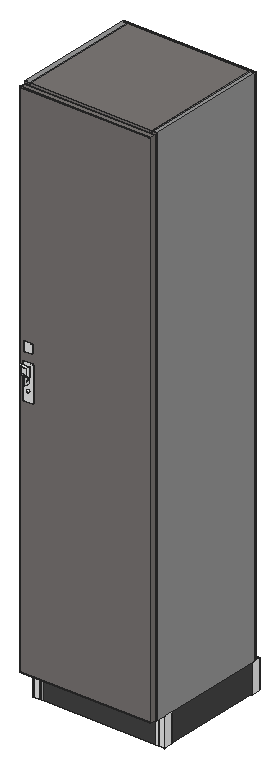
Revit family "Wood_Lockers_Hasps-Salsbury_Industries-18_41000_Series-1_Wide_Units.rfa", category Specialty Equipment, Revit 2016
Family settings
  Part Type = Normal
  Round Connector Dimension = Use Diameter
  OmniClass Number = 23.40.00.00
  OmniClass Title = Equipment and Furnishings
  Work Plane-Based = No
  Always vertical = Yes
  Cut with Voids When Loaded = No
  Shared = No
  Room Calculation Point = No
Parameters (values of type "18-41168")
  Width = 18.000"
  Version = "1.0 (01/31/24)"
  Unit Height including Sloping Hood Only [instance] = 78.868"
  Unit Height including Base Only [instance] = 76.000"
  URL = "www.lockers.com"
  Type Comments = "Premier Wood Locker - Single Tier - with Hasp"
  Total Door Height [instance] = if(Unit Height = 72.000", 71.750", if(Unit Height = 60.000", 59.750", 0.000"))  # 71.750"
  Sloping Top Corner Filler - Right Side [instance] = Wood Locker Sloping Corner Fillers : None
  Sloping Top Corner Filler - Left Side [instance] = Wood Locker Sloping Corner Fillers : None
  Sloping In-Line Filler - Right Side [instance] = Wood Locker Sloping In-Line Fillers : None
  Sloping In-Line Filler - Left Side [instance] = Wood Locker Sloping In-Line Fillers : None
  Sloping Hood Height = if(Depth = 15.000", 5.743", if(Depth = 18.000", 6.868", if(Depth = 21.000", 7.993", if(Depth = 24.000", 9.118", 0.000"))))  # 6.868"
  Sloping Hood [instance] = Wood Locker Sloping Hoods : None
  Side Panel without Slope - Right Side [instance] = Wood Locker Side Panels-No Slope : None
  Side Panel without Slope - Left Side [instance] = Wood Locker Side Panels-No Slope : None
  Side Panel with Slope - Right Side [instance] = Wood Locker Side Panels-With Slope : None
  Side Panel with Slope - Left Side [instance] = Wood Locker Side Panels-With Slope : None
  Secondary Structure Materials = Particle Board Industrial Grade - Salsbury Finish - Black Melamine Overlay
  Primary Structure Materials = Particle Board Industrial Grade - Salsbury Finish - Plain
  Overall Unit Height including Base and Sloping Hood [instance] = 82.868"
  OmniClass 23 Title = "Equipment and Furnishings"
  OmniClass 23 Number = "23.40.00.00"
  Model = "18-41168"
  MasterFormat Title = "Lockers"
  MasterFormat Code = "10 51 23"
  Manufacturer = "Salsbury Industries"
  Laminate Surface [instance] = Industrial Grade Particleboard with Wood Laminate - Salsbury Finish - Skyline Walnut
  Interior Material = Textured Melamine - Salsbury Finish - White
  Individual Door Width [instance] = 17.875"
  Unit Height = 72.000"
  Hardware = Aluminum - Salsbury Finish - Black Satin
  Front Vertical Filler - Right Side [instance] = Wood Locker Front Fillers : None
  Front Vertical Filler - Left Side [instance] = Wood Locker Front Fillers : None
  Front Corner Filler - Right Side [instance] = Wood Locker Front Corner Filler : None
  Front Corner Filler - Left Side [instance] = Wood Locker Front Corner Filler : None
  Flat Top In-Line Filler - Right Side [instance] = Wood Locker Flat In-Line Fillers : None
  Flat Top In-Line Filler - Left Side [instance] = Wood Locker Flat In-Line Fillers : None
  Flat Top Corner Filler - Right Side [instance] = Wood Locker Flat Corner Fillers : None
  Flat Top Corner Filler - Left Side [instance] = Wood Locker Flat Corner Fillers : None
  Fascia Filler [instance] = Wood Locker Fascia Fillers : None
  Double Side Panel without Slope - Right Side [instance] = Wood Locker Double Side Panels-No Slope : None
  Double Side Panel without Slope - Left Side [instance] = Wood Locker Double Side Panels-No Slope : None
  Double Side Panel with Slope - Right Side [instance] = Wood Locker Double Side Panels-With Slope : None
  Double Side Panel with Slope - Left Side [instance] = Wood Locker Double Side Panels-With Slope : None
  Door Location D1 = Premier Locker Doors_Hasp : Single Tier Door for Six Foot High Locker
  Description = "1 Wide - 6 Feet High - 18 inches Deep - with Base"
  Depth = 18.000"
  Compartment Width [instance] = 16.750"
  Compartment Height [instance] = if(Unit Height = 72.000", 70.500", if(Unit Height = 60.000", 58.500", 0.000"))  # 70.500"
  Compartment Depth [instance] = 16.750"
  Base Material = Particle Board Industrial Grade - Salsbury Finish - Black Melamine Overlay
  Base Height = 4.000"
  Base Depth [instance] = 16.250"
  Base = Wood Locker Bases : Base - 18" W x 18" D Lockers
  Assembly Code = "C1030310"
Reference planes (in)
  plane 1 "Center (Front/Back)": y = 0
  plane 2: z = 0
  plane 3 "Center (Left/Right)": x = 0
  plane 4 "Right Side of Unit": x = 9
  plane 5 "Left Side of Unit": x = -9
  plane 6 "Back of Unit": y = 9
  plane 7 "Front of Unit": y = -9
  plane 8 "Bottom of Base": z = 0
  plane 9 "Top Edge of Unit": z = 76
  plane 10 "Top of Base Edge": z = 4
  plane 11: z = 82.868
  plane 12 "Right Compartment Edge": x = 8.406
  plane 13 "Left Compartment Edge": x = -8.406
  plane 14 "Front Melamine Edge": y = -8
  plane 15 "Back Compartment Edge": y = 8.781
  plane 16 "Front Compartment Edge": y = -7.969
  plane 17 "Front Edge of Base": y = -6.625
  plane 18 "Bottom Edge of Door": z = 4.125
  plane 19 "Top Edge of Door": z = 75.875
  plane 20 "Bottom Compartment Edge": z = 4.75
  plane 21 "Top Compartment Edge": z = 75.25
  plane 22 "Center Top and Bottom": z = 40
  plane 23 "Left Melamine Edge": x = -8.375
  plane 24 "Right Melamine Edge": x = 8.375
  plane 25 "Back Melamine Edge": y = 8.75
  plane 26 "Left Edge of Door": x = -8.875
  plane 27: y = 9.625
  plane 28: y = -7.25
  plane 29 "Base / Ventillation Alignment": y = 9.625
  plane 30 "Compartment Shelf": z = 64.125
  plane 31: z = 63.375
  plane 32 "5" Shelf": z = 58.875
  plane 33: z = 58.125
  plane 34 "Front Edge of 5" Shelf": y = 3.75
  plane 35 "11.75" Shelf": z = 13
  plane 36: z = 13.75
  plane 37 "Front of Shoe Shelf": y = -3
  plane 38: y = 3.781
  plane 39: y = -2.969
  plane 40: z = 81.743
  plane 41: z = 81.743
  plane 42: z = 82.61385
  plane 43: z = 82.19365
  plane 44: z = 75.281
  plane 45: z = 4.719
Forms (in)
  Extrusion 1, solid, material "Particle Board Industrial Grade - Salsbury Finish - Plain" <- "Primary Structure Materials"
    sketch origin (9, 0, 0) x (0, -1, 0) y (0, 0, 1)
      loop
        line (7.969, 76) -> (-8.75, 76) -> (-8.75, 4) -> (7.969, 4) -> (7.969, 76)
    from 0 to 0.594
  Extrusion 2, solid, material "Particle Board Industrial Grade - Salsbury Finish - Plain" <- "Primary Structure Materials"
    sketch origin (-9, 0, 0) x (0, -1, 0) y (0, 0, 1)
      loop
        line (-8.75, 76) -> (-8.75, 4) -> (7.969, 4) -> (7.969, 76) -> (-8.75, 76)
    from 0 to -0.594
  Extrusion 3, solid, material "Particle Board Industrial Grade - Salsbury Finish - Black Melamine Overlay" <- "Secondary Structure Materials"
    sketch origin (0, 0, 4) x (0, -1, 0) y (1, 0, 0)
      loop
        line (-8.75, -8.375) -> (7.969, -8.375) -> (7.969, 8.375) -> (-8.75, 8.375) -> (-8.75, -8.375)
    from 0 to 0.719
  Extrusion 4, solid, material "Industrial Grade Particleboard with Wood Laminate - Salsbury Finish - Skyline Walnut" <- "Laminate Surface"
    sketch origin (-0.3905, 0.3905, 76) x (-1, 0, 0) y (0, -1, 0)
      loop
        line (-8.7655, -8.3595) -> (7.9845, -8.3595) -> (7.9845, 8.3595) -> (-8.7655, 8.3595) -> (-8.7655, -8.3595)
    from 0 to -0.75
  Extrusion 5, solid, material "Particle Board Industrial Grade - Salsbury Finish - Plain" <- "Primary Structure Materials"
    sketch origin (0, 9, 0) x (1, 0, 0) y (0, 0, 1)
      loop
        line (-9, 76) -> (-9, 4) -> (9, 4) -> (9, 76) -> (-9, 76)
    from 0 to 0.219
  Extrusion 6, solid, material "Industrial Grade Particleboard with Wood Laminate - Salsbury Finish - Skyline Walnut" <- "Laminate Surface"
    sketch origin (0, -7.969, 0) x (1, 0, 0) y (0, 0, 1)
      loop
        line (-9, 76) -> (-9, 4) -> (-8.375, 4) -> (-8.375, 76) -> (-9, 76)
    from 0 to 0.031
  Extrusion 7, solid, material "Industrial Grade Particleboard with Wood Laminate - Salsbury Finish - Skyline Walnut" <- "Laminate Surface"
    sketch origin (0, -7.969, 0) x (-1, 0, 0) y (0, 0, -1)
      loop
        line (-9, -76) -> (-8.375, -76) -> (-8.375, -4) -> (-9, -4) -> (-9, -76)
    from 0 to 0.031
  Extrusion 8, solid, material "Textured Melamine - Salsbury Finish - White" <- "Interior Material"
    sketch origin (0, 8.75, 0) x (1, 0, 0) y (0, 0, 1)
      loop
        line (-9, 76) -> (-9, 4) -> (9, 4) -> (9, 76) -> (-9, 76)
    from -0.031 to 0
  Extrusion 9, solid, material "Textured Melamine - Salsbury Finish - White" <- "Interior Material"
    sketch origin (-8.406, 0, 0) x (0, -1, 0) y (0, 0, 1)
      loop
        line (-8.75, 76) -> (-8.75, 4) -> (7.969, 4) -> (7.969, 76) -> (-8.75, 76)
    from 0 to -0.031
  Extrusion 10, solid, material "Textured Melamine - Salsbury Finish - White" <- "Interior Material"
    sketch origin (8.406, 0, 0) x (0, -1, 0) y (0, 0, 1)
      loop
        line (7.969, 76) -> (-8.75, 76) -> (-8.75, 4) -> (7.969, 4) -> (7.969, 76)
    from 0 to 0.031
  Extrusion 11, solid, material "Textured Melamine - Salsbury Finish - White" <- "Interior Material", detail levels fine
    sketch origin (0, 0, 64.125) x (0, -1, 0) y (1, 0, 0)
      loop
        line (-8.75, -8.375) -> (7.969, -8.375) -> (7.969, 8.375) -> (-8.75, 8.375) -> (-8.75, -8.375)
    from 0 to -0.75
  Extrusion 12, solid, material "Textured Melamine - Salsbury Finish - White" <- "Interior Material", detail levels fine
    sketch origin (0, 0, 58.875) x (0, -1, 0) y (1, 0, 0)
      loop
        line (-8.75, -8.375) -> (-3.781, -8.375) -> (-3.781, 8.375) -> (-8.75, 8.375) -> (-8.75, -8.375)
    from 0 to -0.75
  Extrusion 13, solid, material "Textured Melamine - Salsbury Finish - White" <- "Interior Material", detail levels fine
    sketch origin (0, 0, 13) x (0, -1, 0) y (1, 0, 0)
      loop
        line (-8.75, -8.375) -> (2.969, -8.375) -> (2.969, 8.375) -> (-8.75, 8.375) -> (-8.75, -8.375)
    from 0.75 to 0
  Extrusion 14, solid, material "Industrial Grade Particleboard with Wood Laminate - Salsbury Finish - Skyline Walnut" <- "Laminate Surface"
    sketch origin (0, -7.969, 0) x (1, 0, 0) y (0, 0, 1)
      loop
        line (8.375, 75.25) -> (8.375, 76) -> (-8.375, 76) -> (-8.375, 75.25) -> (8.375, 75.25)
    from 0 to 0.031
  Extrusion 15, solid, material "Industrial Grade Particleboard with Wood Laminate - Salsbury Finish - Skyline Walnut" <- "Laminate Surface"
    sketch origin (0, -7.969, -71.25) x (1, 0, 0) y (0, 0, 1)
      loop
        line (8.375, 75.25) -> (8.375, 76) -> (-8.375, 76) -> (-8.375, 75.25) -> (8.375, 75.25)
    from 0 to 0.031
  Extrusion 16, solid, material "Industrial Grade Particleboard with Wood Laminate - Salsbury Finish - Skyline Walnut" <- "Laminate Surface", detail levels fine
    sketch origin (0, -7.969, 0) x (1, 0, 0) y (0, 0, 1)
      loop
        line (-8.375, 64.125) -> (-8.375, 63.375) -> (8.375, 63.375) -> (8.375, 64.125) -> (-8.375, 64.125)
    from 0 to 0.031
  Extrusion 17, solid, material "Industrial Grade Particleboard with Wood Laminate - Salsbury Finish - Skyline Walnut" <- "Laminate Surface", detail levels fine
    sketch origin (0, 3.75, 0) x (1, 0, 0) y (0, 0, 1)
      loop
        line (-8.375, 58.875) -> (-8.375, 58.125) -> (8.375, 58.125) -> (8.375, 58.875) -> (-8.375, 58.875)
    from -0.031 to 0
  Extrusion 18, solid, material "Industrial Grade Particleboard with Wood Laminate - Salsbury Finish - Skyline Walnut" <- "Laminate Surface", detail levels fine
    sketch origin (0, -3, 0) x (1, 0, 0) y (0, 0, 1)
      loop
        line (-8.375, 13.75) -> (-8.375, 13) -> (8.375, 13) -> (8.375, 13.75) -> (-8.375, 13.75)
    from -0.031 to 0
  Extrusion 19, solid, material "Textured Melamine - Salsbury Finish - White" <- "Interior Material"
    sketch origin (0, 0, 4.75) x (0, -1, 0) y (1, 0, 0)
      loop
        line (-8.75, -8.375) -> (7.969, -8.375) -> (7.969, 8.375) -> (-8.75, 8.375) -> (-8.75, -8.375)
    from -0.031 to 0
Lines and regions (in)
  symbolic lines
    curve 1: line (-9, 8.75, 76) -> (9.00006, 8.75, 76)
    curve 2: line (-9, 8.75, 0) -> (-9, 8.75, 76)
    curve 3: line (9.00006, 8.75, 76) -> (9.00006, 8.75, 0)
    curve 4: line (8.406, -8, 76) -> (8.406, 9.625, 76)
    curve 5: line (8.406, -8, 0) -> (8.406, -8, 76)
    curve 6: line (8.406, 9.625, 76) -> (8.406, 9.625, 0)
    curve 7: line (9.00006, 8.75, 0) -> (-9, 8.75, 0)
    curve 8: line (8.406, -6.625, 0) -> (8.406, 9.625, 0)
    curve 9: line (8.406, 9.625, 0) -> (8.406, -6.625, 0)
    curve 10: line (8.406, -8, 0) -> (8.406, 9.625, 0)
    curve 11: line (-9, 9.625, 0) -> (9, 9.625, 0)
    curve 12: line (-9, -8, 0) -> (-9, 9.625, 0)
    curve 13: line (9, -8, 0) -> (-9, -8, 0)
    curve 14: line (9, 9.625, 0) -> (9, -8, 0)
Dimensions and locks (in)
  equal spacing: plane 5 "Left Side of Unit", plane 3 "Center (Left/Right)", plane 4 "Right Side of Unit"
  "Width": plane 5 "Left Side of Unit" to plane 4 "Right Side of Unit"
  equal spacing: plane 7 "Front of Unit", plane 1 "Center (Front/Back)", plane 6 "Back of Unit"
  "Depth": plane 7 "Front of Unit" to plane 6 "Back of Unit"
  "Base Height": plane 10 "Top of Base Edge" to plane 8 "Bottom of Base"
  "Unit Height": plane 9 "Top Edge of Unit" to plane 10 "Top of Base Edge"
  "Sloping Hood Height": plane 11 to plane 9 "Top Edge of Unit"
  locked: plane 12 "Right Compartment Edge" to plane 4 "Right Side of Unit" at 0.594
  locked: plane 5 "Left Side of Unit" to plane 13 "Left Compartment Edge" at 0.594
  locked: plane 7 "Front of Unit" to plane 14 "Front Melamine Edge" at 1
  locked: plane 15 "Back Compartment Edge" to plane 6 "Back of Unit" at 0.219
  locked: plane 14 "Front Melamine Edge" to plane 16 "Front Compartment Edge" at 0.031
  plane 18 "Bottom Edge of Door" to plane 10 "Top of Base Edge" = 0.125"
  plane 9 "Top Edge of Unit" to plane 19 "Top Edge of Door" = 0.125"
  plane 20 "Bottom Compartment Edge" to plane 10 "Top of Base Edge" = 0.750"
  plane 9 "Top Edge of Unit" to plane 21 "Top Compartment Edge" = 0.750"
  equal spacing: plane 9 "Top Edge of Unit", plane 22 "Center Top and Bottom", plane 10 "Top of Base Edge"
  locked: plane 24 "Right Melamine Edge" to plane 12 "Right Compartment Edge" at 0.031
  locked: plane 13 "Left Compartment Edge" to plane 23 "Left Melamine Edge" at 0.031
  locked: plane 25 "Back Melamine Edge" to plane 15 "Back Compartment Edge" at 0.031
  locked: plane 5 "Left Side of Unit" to plane 26 "Left Edge of Door" at 0.125
  "Individual Door Width": plane 26 "Left Edge of Door" to plane 4 "Right Side of Unit"
  "Total Door Height": plane 19 "Top Edge of Door" to plane 18 "Bottom Edge of Door"
  "Unit Height including Base Only": plane 9 "Top Edge of Unit" to plane 8 "Bottom of Base"
  "Unit Height including Sloping Hood Only": plane 11 to plane 10 "Top of Base Edge"
  "Overall Unit Height including Base and Sloping Hood": plane 11 to plane 8 "Bottom of Base"
  locked: plane 7 "Front of Unit" to plane 17 "Front Edge of Base" at 2.375
  locked: plane 6 "Back of Unit" to plane 27 at 0.625
  "Base Depth": plane 17 "Front Edge of Base" to plane 27
  "Compartment Width": plane 23 "Left Melamine Edge" to plane 24 "Right Melamine Edge"
  "Compartment Height": plane 21 "Top Compartment Edge" to plane 20 "Bottom Compartment Edge"
  "Compartment Depth": plane 14 "Front Melamine Edge" to plane 25 "Back Melamine Edge"
  locked: plane 14 "Front Melamine Edge" to plane 28 at 0.75
  plane 14 "Front Melamine Edge" to plane 27 = 17.625"
  Extrusion 2 to Extrusion 9 = 16.719"
  plane 6 "Back of Unit" to plane 29 "Base / Ventillation Alignment" = 0.625"
  plane 21 "Top Compartment Edge" to plane 30 "Compartment Shelf" = 11.125"
  locked: plane 30 "Compartment Shelf" to plane 31 at 0.75
  locked: plane 31 to plane 32 "5" Shelf" at 4.5
  locked: plane 32 "5" Shelf" to plane 33 at 0.75
  locked: plane 34 "Front Edge of 5" Shelf" to plane 25 "Back Melamine Edge" at 5
  locked: plane 36 to plane 35 "11.75" Shelf" at 0.75
  locked: plane 35 "11.75" Shelf" to plane 20 "Bottom Compartment Edge" at 8.25
  locked: plane 37 "Front of Shoe Shelf" to plane 25 "Back Melamine Edge" at 11.75
  locked: plane 34 "Front Edge of 5" Shelf" to plane 38 at 0.031
  locked: plane 37 "Front of Shoe Shelf" to plane 39 at 0.031
  locked: plane 44 to plane 21 "Top Compartment Edge" at 0.031
  locked: plane 20 "Bottom Compartment Edge" to plane 45 at 0.031
  aligned and locked: level to plane 2
  aligned and locked: plane 15 "Back Compartment Edge" to Extrusion 5
  aligned and locked: plane 9 "Top Edge of Unit" to nested 1
  aligned and locked: plane 28 to nested 1
  aligned and locked: plane 28 to nested 2
  aligned and locked: plane 5 "Left Side of Unit" to nested 2
  aligned and locked: plane 4 "Right Side of Unit" to nested 1
  aligned and locked: nested 2 to plane 9 "Top Edge of Unit"
  aligned and locked: plane 14 "Front Melamine Edge" to nested 3
  aligned and locked: plane 4 "Right Side of Unit" to nested 3
  aligned and locked: nested 4 to plane 14 "Front Melamine Edge"
  aligned and locked: plane 5 "Left Side of Unit" to nested 4
  aligned and locked: nested 3 to plane 8 "Bottom of Base"
  aligned and locked: nested 4 to plane 8 "Bottom of Base"
  aligned and locked: plane 17 "Front Edge of Base" to nested 5
  aligned and locked: nested 7 to plane 9 "Top Edge of Unit"
  aligned and locked: plane 4 "Right Side of Unit" to nested 7
  aligned and locked: nested 6 to plane 9 "Top Edge of Unit"
  aligned and locked: plane 5 "Left Side of Unit" to nested 6
  aligned and locked: nested 7 to plane 28
  aligned and locked: nested 6 to plane 28
  aligned and locked: plane 14 "Front Melamine Edge" to nested 8
  aligned and locked: plane 9 "Top Edge of Unit" to nested 8
  aligned and locked: plane 8 "Bottom of Base" to nested 5
  aligned and locked: plane 3 "Center (Left/Right)" to nested 5
  aligned and locked: plane 25 "Back Melamine Edge" to Extrusion 3 sketch curve
  aligned and locked: Extrusion 3 sketch curve to plane 23 "Left Melamine Edge"
  aligned and locked: plane 24 "Right Melamine Edge" to Extrusion 3 sketch curve
  aligned and locked: plane 10 "Top of Base Edge" to Extrusion 3
  aligned and locked: Extrusion 4 to plane 9 "Top Edge of Unit"
  aligned and locked: Extrusion 2 sketch curve to plane 9 "Top Edge of Unit"
  aligned and locked: plane 16 "Front Compartment Edge" to Extrusion 2 sketch curve
  aligned and locked: Extrusion 2 sketch curve to plane 25 "Back Melamine Edge"
  aligned and locked: plane 10 "Top of Base Edge" to Extrusion 2 sketch curve
  aligned and locked: Extrusion 2 to plane 13 "Left Compartment Edge"
  aligned and locked: plane 5 "Left Side of Unit" to Extrusion 2
  aligned and locked: plane 10 "Top of Base Edge" to Extrusion 9 sketch curve
  aligned and locked: Extrusion 9 sketch curve to plane 25 "Back Melamine Edge"
  aligned and locked: Extrusion 9 sketch curve to plane 9 "Top Edge of Unit"
  aligned and locked: Extrusion 1 sketch curve to plane 16 "Front Compartment Edge"
  aligned and locked: plane 9 "Top Edge of Unit" to Extrusion 1 sketch curve
  aligned and locked: Extrusion 1 sketch curve to plane 10 "Top of Base Edge"
  aligned and locked: plane 25 "Back Melamine Edge" to Extrusion 1 sketch curve
  aligned and locked: Extrusion 1 to plane 4 "Right Side of Unit"
  aligned and locked: plane 12 "Right Compartment Edge" to Extrusion 1
  aligned and locked: Extrusion 10 sketch curve to plane 10 "Top of Base Edge"
  aligned and locked: plane 25 "Back Melamine Edge" to Extrusion 10 sketch curve
  aligned and locked: Extrusion 10 sketch curve to plane 16 "Front Compartment Edge"
  aligned and locked: plane 9 "Top Edge of Unit" to Extrusion 10 sketch curve
  aligned and locked: Extrusion 10 to plane 12 "Right Compartment Edge"
  aligned and locked: plane 24 "Right Melamine Edge" to Extrusion 10
  aligned and locked: Extrusion 8 sketch curve to plane 10 "Top of Base Edge"
  aligned and locked: plane 4 "Right Side of Unit" to Extrusion 8 sketch curve
  aligned and locked: plane 9 "Top Edge of Unit" to Extrusion 8 sketch curve
  aligned and locked: Extrusion 8 sketch curve to plane 5 "Left Side of Unit"
  aligned and locked: Extrusion 8 to plane 15 "Back Compartment Edge"
  aligned and locked: plane 25 "Back Melamine Edge" to Extrusion 8
  aligned and locked: plane 9 "Top Edge of Unit" to Extrusion 5 sketch curve
  aligned and locked: Extrusion 5 sketch curve to plane 5 "Left Side of Unit"
  aligned and locked: Extrusion 5 sketch curve to plane 10 "Top of Base Edge"
  aligned and locked: plane 4 "Right Side of Unit" to Extrusion 5 sketch curve
  aligned and locked: Extrusion 7 sketch curve to plane 9 "Top Edge of Unit"
  aligned and locked: Extrusion 7 sketch curve to plane 4 "Right Side of Unit"
  aligned and locked: plane 24 "Right Melamine Edge" to Extrusion 7 sketch curve
  aligned and locked: plane 10 "Top of Base Edge" to Extrusion 7 sketch curve
  aligned and locked: Extrusion 7 to plane 16 "Front Compartment Edge"
  aligned and locked: plane 14 "Front Melamine Edge" to Extrusion 7
  aligned and locked: Extrusion 6 sketch curve to plane 10 "Top of Base Edge"
  aligned and locked: plane 23 "Left Melamine Edge" to Extrusion 6 sketch curve
  aligned and locked: Extrusion 6 sketch curve to plane 5 "Left Side of Unit"
  aligned and locked: plane 9 "Top Edge of Unit" to Extrusion 6 sketch curve
  aligned and locked: Extrusion 6 to plane 16 "Front Compartment Edge"
  aligned and locked: plane 14 "Front Melamine Edge" to Extrusion 6
  aligned and locked: plane 16 "Front Compartment Edge" to Extrusion 9
  aligned and locked: Extrusion 9 to Extrusion 3
  aligned and locked: plane 13 "Left Compartment Edge" to Extrusion 9
  aligned and locked: curve 2 to nested 4
  aligned and locked: nested 3 to curve 5
  aligned and locked: curve 9 to nested 5
  aligned and locked: curve 10 to nested 3
  aligned and locked: curve 13 to plane 14 "Front Melamine Edge"
  aligned and locked: curve 12 to plane 5 "Left Side of Unit"
  aligned and locked: plane 29 "Base / Ventillation Alignment" to curve 11
  aligned and locked: plane 3 "Center (Left/Right)" to nested 8
  aligned and locked: plane 29 "Base / Ventillation Alignment" to curve 6
  aligned and locked: plane 25 "Back Melamine Edge" to Extrusion 11 sketch curve
  aligned and locked: Extrusion 11 sketch curve to plane 23 "Left Melamine Edge"
  aligned and locked: plane 24 "Right Melamine Edge" to Extrusion 11 sketch curve
  aligned and locked: plane 31 to Extrusion 11
  aligned and locked: Extrusion 11 to plane 30 "Compartment Shelf"
  aligned and locked: Extrusion 12 to plane 24 "Right Melamine Edge"
  aligned and locked: plane 23 "Left Melamine Edge" to Extrusion 12
  aligned and locked: Extrusion 12 to plane 32 "5" Shelf"
  aligned and locked: plane 33 to Extrusion 12
  aligned and locked: Extrusion 12 to plane 25 "Back Melamine Edge"
  aligned and locked: Extrusion 13 to plane 36
  aligned and locked: plane 35 "11.75" Shelf" to Extrusion 13
  aligned and locked: Extrusion 13 to plane 24 "Right Melamine Edge"
  aligned and locked: plane 23 "Left Melamine Edge" to Extrusion 13
  aligned and locked: Extrusion 13 to plane 25 "Back Melamine Edge"
  aligned and locked: Extrusion 14 sketch curve to Extrusion 4
  aligned and locked: Extrusion 6 to Extrusion 14 sketch curve
  aligned and locked: plane 20 "Bottom Compartment Edge" to Extrusion 15 sketch curve
  aligned and locked: Extrusion 15 sketch curve to plane 10 "Top of Base Edge"
  aligned and locked: Extrusion 15 sketch curve to plane 23 "Left Melamine Edge"
  aligned and locked: plane 24 "Right Melamine Edge" to Extrusion 15 sketch curve
  aligned and locked: Extrusion 15 to plane 16 "Front Compartment Edge"
  aligned and locked: plane 14 "Front Melamine Edge" to Extrusion 15
  aligned and locked: Extrusion 11 sketch curve to plane 16 "Front Compartment Edge"
  aligned and locked: Extrusion 16 sketch curve to Extrusion 11  (x4)
  aligned and locked: plane 14 "Front Melamine Edge" to Extrusion 16
  aligned and locked: Extrusion 16 to plane 16 "Front Compartment Edge"
  aligned and locked: Extrusion 12 to plane 38
  aligned and locked: Extrusion 17 sketch curve to plane 33
  aligned and locked: plane 32 "5" Shelf" to Extrusion 17 sketch curve
  aligned and locked: Extrusion 17 sketch curve to plane 23 "Left Melamine Edge"
  aligned and locked: plane 24 "Right Melamine Edge" to Extrusion 17 sketch curve
  aligned and locked: Extrusion 17 to Extrusion 12
  aligned and locked: Extrusion 17 to plane 34 "Front Edge of 5" Shelf"
  aligned and locked: Extrusion 13 to plane 39
  aligned and locked: Extrusion 18 to Extrusion 13  (x3)
  aligned and locked: plane 23 "Left Melamine Edge" to Extrusion 18
  aligned and locked: Extrusion 18 to plane 24 "Right Melamine Edge"
  aligned and locked: Extrusion 18 to plane 37 "Front of Shoe Shelf"
  aligned and locked: plane 5 "Left Side of Unit" to nested 9
  aligned and locked: plane 10 "Top of Base Edge" to nested 9
  aligned and locked: nested 9 to plane 14 "Front Melamine Edge"
  aligned and locked: nested 10 to plane 10 "Top of Base Edge"
  aligned and locked: plane 4 "Right Side of Unit" to nested 10
  aligned and locked: plane 14 "Front Melamine Edge" to nested 10
  aligned and locked: plane 3 "Center (Left/Right)" to nested 11
  aligned and locked: plane 9 "Top Edge of Unit" to nested 11
  aligned and locked: plane 14 "Front Melamine Edge" to nested 11
  aligned and locked: plane 5 "Left Side of Unit" to nested 12
  aligned and locked: plane 10 "Top of Base Edge" to nested 12
  aligned and locked: nested 12 to plane 14 "Front Melamine Edge"
  aligned and locked: plane 4 "Right Side of Unit" to nested 13
  aligned and locked: nested 13 to plane 10 "Top of Base Edge"
  aligned and locked: plane 14 "Front Melamine Edge" to nested 13
  aligned and locked: plane 5 "Left Side of Unit" to nested 14
  aligned and locked: plane 10 "Top of Base Edge" to nested 14
  aligned and locked: nested 14 to plane 14 "Front Melamine Edge"
  aligned and locked: plane 4 "Right Side of Unit" to nested 15
  aligned and locked: nested 15 to plane 10 "Top of Base Edge"
  aligned and locked: plane 14 "Front Melamine Edge" to nested 15
  aligned and locked: plane 10 "Top of Base Edge" to nested 16
  aligned and locked: plane 5 "Left Side of Unit" to nested 16
  aligned and locked: nested 16 to plane 14 "Front Melamine Edge"
  aligned and locked: plane 14 "Front Melamine Edge" to nested 17
  aligned and locked: plane 4 "Right Side of Unit" to nested 17
  aligned and locked: nested 17 to plane 10 "Top of Base Edge"
  aligned and locked: plane 18 "Bottom Edge of Door" to nested 18
  aligned and locked: plane 4 "Right Side of Unit" to nested 18
  aligned and locked: nested 18 to plane 7 "Front of Unit"
  aligned and locked: plane 5 "Left Side of Unit" to nested 19
  aligned and locked: nested 19 to plane 9 "Top Edge of Unit"
  aligned and locked: nested 19 to plane 14 "Front Melamine Edge"
  aligned and locked: nested 20 to plane 14 "Front Melamine Edge"
  aligned and locked: plane 4 "Right Side of Unit" to nested 20
  aligned and locked: nested 20 to plane 9 "Top Edge of Unit"
  aligned and locked: nested 21 to plane 14 "Front Melamine Edge"
  aligned and locked: plane 5 "Left Side of Unit" to nested 21
  aligned and locked: nested 21 to plane 9 "Top Edge of Unit"
  aligned and locked: nested 22 to plane 14 "Front Melamine Edge"
  aligned and locked: nested 22 to plane 4 "Right Side of Unit"
  aligned and locked: nested 22 to plane 9 "Top Edge of Unit"
  aligned and locked: plane 21 "Top Compartment Edge" to Extrusion 14
  aligned and locked: Extrusion 3 to plane 45
  aligned and locked: Extrusion 19 sketch curve to Extrusion 3  (x4)
  aligned and locked: Extrusion 19 to Extrusion 3
  aligned and locked: Extrusion 19 to plane 20 "Bottom Compartment Edge"
  aligned and locked: plane 14 "Front Melamine Edge" to nested 23
  aligned and locked: nested 23 to plane 5 "Left Side of Unit"
  aligned and locked: nested 23 to plane 8 "Bottom of Base"
  aligned and locked: plane 8 "Bottom of Base" to nested 24
  aligned and locked: nested 24 to plane 4 "Right Side of Unit"
  aligned and locked: nested 24 to plane 14 "Front Melamine Edge"
  aligned and locked: plane 21 "Top Compartment Edge" to Extrusion 4
  aligned and locked: Extrusion 4 to Extrusion 3  (x2)
  aligned and locked: Extrusion 3 to Extrusion 4
  aligned and locked: plane 16 "Front Compartment Edge" to Extrusion 4
Automatic sketch dimensions
  plane 16 "Front Compartment Edge" to Extrusion 3 sketch curve = 0.000"
  Extrusion 9 sketch curve to plane 16 "Front Compartment Edge" = 0.000"
  curve 3 to level = 0.000"
  curve 3 to plane 4 "Right Side of Unit" = 0.00006"
  curve 8 to plane 17 "Front Edge of Base" = 0.000"
  curve 9 to plane 17 "Front Edge of Base" = 0.000"
  curve 13 to plane 4 "Right Side of Unit" = 0.000"
  Extrusion 12 sketch curve to plane 24 "Right Melamine Edge" = 0.000"
  plane 25 "Back Melamine Edge" to Extrusion 12 sketch curve = 0.000"
  Extrusion 12 sketch curve to plane 23 "Left Melamine Edge" = 0.000"
  plane 38 to Extrusion 12 sketch curve = 0.000"
  Extrusion 13 sketch curve to plane 24 "Right Melamine Edge" = 0.000"
  plane 25 "Back Melamine Edge" to Extrusion 13 sketch curve = 0.000"
  Extrusion 13 sketch curve to plane 23 "Left Melamine Edge" = 0.000"
  plane 39 to Extrusion 13 sketch curve = 0.000"
  plane 23 "Left Melamine Edge" to Extrusion 18 sketch curve = 0.000"
  plane 24 "Right Melamine Edge" to Extrusion 18 sketch curve = 0.000"
  Extrusion 18 sketch curve to plane 35 "11.75" Shelf" = 0.000"
  Extrusion 18 sketch curve to plane 36 = 0.000"
  plane 9 "Top Edge of Unit" to curve 5 = 0.000"
  curve 3 to plane 9 "Top Edge of Unit" = 0.000"
  plane 17 "Front Edge of Base" to Extrusion 4 sketch curve = 1.344"
  plane 4 "Right Side of Unit" to Extrusion 4 sketch curve = 0.625"
  Extrusion 4 sketch curve to plane 5 "Left Side of Unit" = 0.625"
  plane 25 "Back Melamine Edge" to Extrusion 4 sketch curve = 0.000"
  plane 24 "Right Melamine Edge" to Extrusion 14 sketch curve = 0.000"
  Extrusion 14 sketch curve to plane 21 "Top Compartment Edge" = 0.000"
Nested families (in)
  nested 1: "Wood Locker Flat Corner Fillers" at (16.5, -3.625, 75.25), type <- "Flat Top Corner Filler - Right Side", type "None"
  nested 2: "Wood Locker Flat Corner Fillers" at (-16.5, -3.625, 75.25) x (-1, 0, 0) z (0, 0, 1), type <- "Flat Top Corner Filler - Left Side", type "None"
  nested 3: "Wood Locker Front Fillers" at (16.5, -7.625, 0), type <- "Front Vertical Filler - Right Side", type "None"
  nested 4: "Wood Locker Front Fillers" at (-16.5, -7.625, 0) x (-1, 0, 0) z (0, 0, 1), type <- "Front Vertical Filler - Left Side", type "None"
  nested 5: "Wood Locker Bases" at (0, 1.5, 0), type <- "Base", type "Base - 18" W x 18" D Lockers"
  nested 6: "Wood Locker Flat In-Line Fillers" at (-16.5, -0.625, 75.25), type <- "Flat Top In-Line Filler - Left Side", type "None"
  nested 7: "Wood Locker Flat In-Line Fillers" at (16.5, -0.625, 75.25) x (-1, 0, 0) z (0, 0, 1), type <- "Flat Top In-Line Filler - Right Side", type "None"
  nested 8: "Wood Locker Fascia Fillers" at (0, -7.625, 76), type <- "Fascia Filler", type "None"
  nested 9: "Wood Locker Side Panels-With Slope" at (-9.375, -0.6875, 4) x (0, -1, 0) z (0, 0, 1), type <- "Side Panel with Slope - Left Side", type "None"
  nested 10: "Wood Locker Side Panels-With Slope" at (9.375, -0.6875, 4) x (0, -1, 0) z (0, 0, 1), type <- "Side Panel with Slope - Right Side", type "None"
  nested 11: "Wood Locker Sloping Hoods" at (0, -0.6875, 76), type <- "Sloping Hood", type "None"
  nested 12: "Wood Locker Double Side Panels-With Slope" at (-9.375, -1, 4) x (0, -1, 0) z (0, 0, 1), type <- "Double Side Panel with Slope - Left Side", type "None"
  nested 13: "Wood Locker Double Side Panels-With Slope" at (9.375, -1, 4) x (0, -1, 0) z (0, 0, 1), type <- "Double Side Panel with Slope - Right Side", type "None"
  nested 14: "Wood Locker Side Panels-No Slope" at (-9.375, -1, 4) x (0, -1, 0) z (0, 0, 1), type <- "Side Panel without Slope - Left Side", type "None"
  nested 15: "Wood Locker Side Panels-No Slope" at (9.375, -1, 4) x (0, -1, 0) z (0, 0, 1), type <- "Side Panel without Slope - Right Side", type "None"
  nested 16: "Wood Locker Double Side Panels-No Slope" at (-9.375, -1, 4) x (0, -1, 0) z (0, 0, 1), type <- "Double Side Panel without Slope - Left Side", type "None"
  nested 17: "Wood Locker Double Side Panels-No Slope" at (9.375, -1, 4) x (0, -1, 0) z (0, 0, 1), type <- "Double Side Panel without Slope - Right Side", type "None"
  nested 18: "Premier Locker Doors_Hasp" at (0.0625, -8.625, 4.125), type <- "Door Location D1", type "Single Tier Door for Six Foot High Locker"
  nested 19: "Wood Locker Sloping In-Line Fillers" at (-15, -1, 76), type <- "Sloping In-Line Filler - Left Side", type "None"
  nested 20: "Wood Locker Sloping In-Line Fillers" at (15, -1, 76) x (-1, 0, 0) z (0, 0, 1), type <- "Sloping In-Line Filler - Right Side", type "None"
  nested 21: "Wood Locker Sloping Corner Fillers" at (-18.25, -1, 76), type <- "Sloping Top Corner Filler - Left Side", type "None"
  nested 22: "Wood Locker Sloping Corner Fillers" at (18.25, -1, 76) x (-1, 0, 0) z (0, 0, 1), type <- "Sloping Top Corner Filler - Right Side", type "None"
  nested 23: "Wood Locker Front Corner Filler" at (-10.125, -7.625, 0), type <- "Front Corner Filler - Left Side", type "None"
  nested 24: "Wood Locker Front Corner Filler" at (10.125, -7.625, 0) x (-1, 0, 0) z (0, 0, 1), type <- "Front Corner Filler - Right Side", type "None"
Definition of nested family "Wood Locker Bases"
  Parameters (values of type "Base - 18" W x 18" D Lockers")
    Width = 18.000"
    Visible Base = yes
    Visible = no
    Model = "Base - 18\" W x 18\" D Lockers"
    Manufacturer = "Salsbury Industries"
    Height = 4.000"
    Depth = 16.250"
    Base Secondary Material = none
    Base Primary Materials = none
    Base Hardware = none
  Types (8): name | Width | Visible Base | Visible | Model | Depth
    (no name) | 18.000" | yes | no | "Base - 18\" W x 18\" D Lockers" | 16.250"
    Base - 18" W x 18" D Lockers | 18.000" | yes | no | "Base - 18\" W x 18\" D Lockers" | 16.250"
    Base - 18" W x 21" D Lockers | 18.000" | yes | no | "Base - 18\" W x 21\" D Lockers" | 19.250"
    Base - 18" W x 24" D Lockers | 18.000" | yes | no | "Base - 18\" W x 24\" D Lockers" | 22.250"
    Base - 54" W x 18" D Lockers | 54.000" | yes | yes | "Base - 54\" W x 18\" D Lockers" | 16.250"
    Base - 54" W x 21" D Lockers | 54.000" | yes | yes | "Base - 54\" W x 21\" D Lockers" | 19.250"
    Base - 54" W x 24" D Lockers | 54.000" | yes | yes | "Base - 54\" W x 24\" D Lockers" | 22.250"
    None | 12.000" | no | no | "Base - 12\" W x 15\" D Lockers" | 13.250"
  Reference planes (in)
    plane 1 "Center (Front/Back)": y = 0
    plane 2: z = 0
    plane 3 "Center (Left/Right)": x = 0
    plane 4 "Left Edge": x = -9
    plane 5 "Right Edge": x = 9
    plane 6 "Back Edge": y = 8.125
    plane 7 "Front Edge": y = -8.125
    plane 8 "Bottom Edge": z = 0
    plane 9 "Top Edge": z = 4
    plane 10: x = -7.75
    plane 11: x = -7.102
    plane 12: y = 8.062
    plane 13: y = 7.3
    plane 14: x = -8.131
    plane 15: x = -8.256
    plane 16: x = -8.937
    plane 17: x = -8.175
    plane 18: y = 6.227
    plane 19: y = 6.875
    plane 20: y = 7.256
    plane 21: y = 7.381
    plane 22: x = -8.931
    plane 23: x = 8.931
    plane 24: y = 8.056
    plane 25: y = -8.056
    plane 26: y = 8.025
    plane 27: y = -8.025
    plane 28: x = -8.9
    plane 29: x = 8.9
    plane 30: x = -2.375
    plane 31: x = 2.375
  Forms (in)
    Extrusion 1, solid, material <- "Base Hardware", visible <- "Visible Base"
      sketch origin (0, 0, 0) x (1, 0, 0) y (0, 1, 0)
        loop
          arc (-8.96712, 8.125) -> (-8.99098, 8.11598) -> (-9, 8.09212) r 0.031
          line (-9, 8.09212) -> (-9, 6.9065)
          arc (-9, 6.9065) -> (-8.9685, 6.875) -> (-8.937, 6.9065) r 0.0315
          line (-8.937, 6.9065) -> (-8.937, 7.256) -> (-8.837, 7.256) -> (-8.837, 7.319) -> (-8.937, 7.319) -> (-8.937, 8.01465) -> (-8.256, 7.33365) -> (-8.256, 7.256) -> (-8.175, 7.256) -> (-8.175, 6.25833)
          arc (-8.175, 6.25833) -> (-8.14367, 6.227) -> (-8.11235, 6.25833) r 0.03133
          line (-8.11235, 6.25833) -> (-8.11235, 7.23703) -> (-7.13348, 7.23703)
          arc (-7.13348, 7.23703) -> (-7.102, 7.26852) -> (-7.13348, 7.3) r 0.03148
          line (-7.13348, 7.3) -> (-8.131, 7.3) -> (-8.131, 7.381) -> (-8.21422, 7.381) -> (-8.89522, 8.062) -> (-8.194, 8.062) -> (-8.194, 7.962) -> (-8.131, 7.962) -> (-8.131, 8.062) -> (-7.7814, 8.062)
          arc (-7.7814, 8.062) -> (-7.7499, 8.0935) -> (-7.7814, 8.125) r 0.0315
          line (-7.7814, 8.125) -> (-8.96712, 8.125)
      from 0 to 4
    Extrusion 2, solid, material <- "Base Hardware", visible <- "Visible Base"
      sketch origin (0, 0, 0) x (-1, 0, 0) y (0, -1, 0)
        loop
          line (-8.96712, -8.125) -> (-7.7814, -8.125)
          arc (-7.7814, -8.125) -> (-7.7499, -8.0935) -> (-7.7814, -8.062) r 0.0315
          line (-7.7814, -8.062) -> (-8.131, -8.062) -> (-8.131, -7.962) -> (-8.194, -7.962) -> (-8.194, -8.062) -> (-8.89522, -8.062) -> (-8.21422, -7.381) -> (-8.131, -7.381) -> (-8.131, -7.3) -> (-7.13348, -7.3)
          arc (-7.13348, -7.3) -> (-7.102, -7.26852) -> (-7.13348, -7.23703) r 0.03148
          line (-7.13348, -7.23703) -> (-8.11235, -7.23703) -> (-8.11235, -6.25833)
          arc (-8.11235, -6.25833) -> (-8.14367, -6.227) -> (-8.175, -6.25833) r 0.03133
          line (-8.175, -6.25833) -> (-8.175, -7.256) -> (-8.256, -7.256) -> (-8.256, -7.33365) -> (-8.937, -8.01465) -> (-8.937, -7.319) -> (-8.837, -7.319) -> (-8.837, -7.256) -> (-8.937, -7.256) -> (-8.937, -6.9065)
          arc (-8.937, -6.9065) -> (-8.9685, -6.875) -> (-9, -6.9065) r 0.0315
          line (-9, -6.9065) -> (-9, -8.09212)
          arc (-9, -8.09212) -> (-8.99098, -8.11598) -> (-8.96712, -8.125) r 0.031
      from 0 to 4
    Extrusion 3, solid, material <- "Base Hardware", visible <- "Visible Base"
      sketch origin (0, 0, 0) x (1, 0, 0) y (0, 1, 0)
        loop
          line (-8.96712, -8.125) -> (-7.7814, -8.125)
          arc (-7.7814, -8.125) -> (-7.7499, -8.0935) -> (-7.7814, -8.062) r 0.0315
          line (-7.7814, -8.062) -> (-8.131, -8.062) -> (-8.131, -7.962) -> (-8.194, -7.962) -> (-8.194, -8.062) -> (-8.89522, -8.062) -> (-8.21422, -7.381) -> (-8.131, -7.381) -> (-8.131, -7.3) -> (-7.13348, -7.3)
          arc (-7.13348, -7.3) -> (-7.102, -7.26852) -> (-7.13348, -7.23703) r 0.03148
          line (-7.13348, -7.23703) -> (-8.11235, -7.23703) -> (-8.11235, -6.25833)
          arc (-8.11235, -6.25833) -> (-8.14367, -6.227) -> (-8.175, -6.25833) r 0.03133
          line (-8.175, -6.25833) -> (-8.175, -7.256) -> (-8.256, -7.256) -> (-8.256, -7.33365) -> (-8.937, -8.01465) -> (-8.937, -7.319) -> (-8.837, -7.319) -> (-8.837, -7.256) -> (-8.937, -7.256) -> (-8.937, -6.9065)
          arc (-8.937, -6.9065) -> (-8.9685, -6.875) -> (-9, -6.9065) r 0.0315
          line (-9, -6.9065) -> (-9, -8.09212)
          arc (-9, -8.09212) -> (-8.99098, -8.11598) -> (-8.96712, -8.125) r 0.031
      from 0 to 4
    Extrusion 4, solid, material <- "Base Hardware", visible <- "Visible Base"
      sketch origin (0, 0, 0) x (-1, 0, 0) y (0, -1, 0)
        loop
          arc (-8.96712, 8.125) -> (-8.99098, 8.11598) -> (-9, 8.09212) r 0.031
          line (-9, 8.09212) -> (-9, 6.9065)
          arc (-9, 6.9065) -> (-8.9685, 6.875) -> (-8.937, 6.9065) r 0.0315
          line (-8.937, 6.9065) -> (-8.937, 7.256) -> (-8.837, 7.256) -> (-8.837, 7.319) -> (-8.937, 7.319) -> (-8.937, 8.01465) -> (-8.256, 7.33365) -> (-8.256, 7.256) -> (-8.175, 7.256) -> (-8.175, 6.25833)
          arc (-8.175, 6.25833) -> (-8.14367, 6.227) -> (-8.11235, 6.25833) r 0.03133
          line (-8.11235, 6.25833) -> (-8.11235, 7.23703) -> (-7.13348, 7.23703)
          arc (-7.13348, 7.23703) -> (-7.102, 7.26852) -> (-7.13348, 7.3) r 0.03148
          line (-7.13348, 7.3) -> (-8.131, 7.3) -> (-8.131, 7.381) -> (-8.21422, 7.381) -> (-8.89522, 8.062) -> (-8.194, 8.062) -> (-8.194, 7.962) -> (-8.131, 7.962) -> (-8.131, 8.062) -> (-7.7814, 8.062)
          arc (-7.7814, 8.062) -> (-7.7499, 8.0935) -> (-7.7814, 8.125) r 0.0315
          line (-7.7814, 8.125) -> (-8.96712, 8.125)
      from 0 to 4
    Extrusion 5, solid, material <- "Base Secondary Material", visible <- "Visible Base"
      sketch origin (0, 0, 0) x (0, -1, 0) y (1, 0, 0)
        loop
          line (-7.256, 8.9) -> (-7.256, 8.181) -> (7.25697, 8.181) -> (7.25697, 8.9) -> (-7.256, 8.9)
      from 0 to 4
    Extrusion 6, solid, material <- "Base Secondary Material", visible <- "Visible Base"
      sketch origin (0, 0, 0) x (0, -1, 0) y (1, 0, 0)
        loop
          line (-7.256, -8.9) -> (7.25697, -8.9) -> (7.25697, -8.181) -> (-7.256, -8.181) -> (-7.256, -8.9)
      from 0 to 4
    Extrusion 7, solid, material <- "Base Secondary Material", visible <- "Visible Base"
      sketch origin (-2.05521, 0.625, 0) x (1, 0, 0) y (0, 1, 0)
        loop
          line (-6.07579, 7.4) -> (-6.07579, 6.681) -> (10.18621, 6.681) -> (10.18621, 7.4) -> (-6.07579, 7.4)
      from 0 to 4
    Extrusion 8, solid, material <- "Base Secondary Material", visible <- "Visible Base"
      sketch origin (-2.05521, -0.625, 0) x (1, 0, 0) y (0, 1, 0)
        loop
          line (-6.07579, -7.4) -> (10.18621, -7.4) -> (10.18621, -6.681) -> (-6.07579, -6.681) -> (-6.07579, -7.4)
      from 0 to 4
    Extrusion 9, solid, material <- "Base Primary Materials", visible <- "Visible Base"
      sketch origin (0.76452, 0, 0) x (0, -1, 0) y (1, 0, 0)
        loop
          line (-7.256, 8.16648) -> (-7.256, 8.13548) -> (7.25697, 8.13548) -> (7.25697, 8.16648) -> (-7.256, 8.16648)
      from 0 to 4
    Extrusion 10, solid, material <- "Base Primary Materials", visible <- "Visible Base"
      sketch origin (-0.719, 0, 0) x (0, -1, 0) y (1, 0, 0)
        loop
          line (-7.256, -8.212) -> (7.25697, -8.212) -> (7.25697, -8.181) -> (-7.256, -8.181) -> (-7.256, -8.212)
      from 0 to 4
    Extrusion 11, solid, material <- "Base Primary Materials", visible <- "Visible Base"
      sketch origin (-2.05521, 1.344, 0) x (1, 0, 0) y (0, 1, 0)
        loop
          line (-6.07579, 6.718) -> (-6.07579, 6.681) -> (10.18621, 6.681) -> (10.18621, 6.718) -> (-6.07579, 6.718)
      from 0 to 4
    Extrusion 12, solid, material <- "Base Primary Materials", visible <- "Visible Base"
      sketch origin (-2.05521, -1.344, 0) x (1, 0, 0) y (0, 1, 0)
        loop
          line (-6.07579, -6.712) -> (10.18621, -6.712) -> (10.18621, -6.681) -> (-6.07579, -6.681) -> (-6.07579, -6.712)
      from 0 to 4
    Extrusion 13, solid, material <- "Base Secondary Material", visible <- "Visible"
      sketch origin (0, 0, 4) x (0, -1, 0) y (1, 0, 0)
        loop
          line (-7.306, -2.375) -> (7.306, -2.375) -> (7.306, 2.375) -> (-7.306, 2.375) -> (-7.306, -2.375)
      from 0 to -0.75
    Extrusion 14, solid, material <- "Base Secondary Material", visible <- "Visible"
      sketch origin (0, 0, 0) x (0, -1, 0) y (1, 0, 0)
        loop
          line (-7.306, -2.375) -> (-6.556, -2.375) -> (-6.556, 2.375) -> (-7.306, 2.375) -> (-7.306, -2.375)
      from 0 to 3.25
    Extrusion 15, solid, material <- "Base Secondary Material", visible <- "Visible"
      sketch origin (0, 0, 0) x (0, 1, 0) y (-1, 0, 0)
        loop
          line (-7.306, 2.375) -> (-7.306, -2.375) -> (-6.556, -2.375) -> (-6.556, 2.375) -> (-7.306, 2.375)
      from 0 to 3.25
  Dimensions and locks (in)
    equal spacing: plane 4 "Left Edge", plane 3 "Center (Left/Right)", plane 5 "Right Edge"
    "Width": plane 4 "Left Edge" to plane 5 "Right Edge"
    equal spacing: plane 7 "Front Edge", plane 1 "Center (Front/Back)", plane 6 "Back Edge"
    "Depth": plane 7 "Front Edge" to plane 6 "Back Edge"
    "Height": plane 9 "Top Edge" to plane 8 "Bottom Edge"
    locked: plane 4 "Left Edge" to plane 10 at 1.25
    locked: plane 4 "Left Edge" to plane 11 at 1.898
    locked: plane 12 to plane 6 "Back Edge" at 0.063
    plane 14 to plane 10 = 0.381"
    locked: plane 12 to plane 13 at 0.762
    locked: plane 4 "Left Edge" to plane 16 at 0.063
    locked: plane 16 to plane 17 at 0.762
    locked: plane 19 to plane 6 "Back Edge" at 1.25
    locked: plane 18 to plane 6 "Back Edge" at 1.898
    plane 15 to plane 17 = 0.081"
    plane 21 to plane 13 = 0.081"
    plane 19 to plane 20 = 0.381"
    plane 24 to plane 6 "Back Edge" = 0.069"
    plane 7 "Front Edge" to plane 25 = 0.069"
    plane 23 to plane 5 "Right Edge" = 0.069"
    plane 4 "Left Edge" to plane 22 = 0.069"
    plane 26 to plane 24 = 0.031"
    plane 25 to plane 27 = 0.031"
    plane 22 to plane 28 = 0.031"
    plane 29 to plane 23 = 0.031"
    plane 30 to plane 3 "Center (Left/Right)" to plane 31 = 2.375" locked, 2.375" locked
    aligned and locked: level to plane 2
    aligned and locked: plane 30 to Extrusion 13
    aligned and locked: plane 30 to Extrusion 14
    aligned and locked: plane 30 to Extrusion 15
    aligned and locked: Extrusion 13 to plane 31
    aligned and locked: Extrusion 14 to plane 31
    aligned and locked: Extrusion 15 to plane 31
  Automatic sketch dimensions
    Extrusion 1 sketch curve to plane 4 "Left Edge" = 0.000"
    plane 6 "Back Edge" to Extrusion 1 sketch curve = 0.000"
    Extrusion 1 sketch curve to plane 16 = 0.000"  (x2)
    Extrusion 1 sketch curve to plane 12 = 0.000"  (x2)
    plane 20 to Extrusion 1 sketch curve = 0.000"  (x2)
    Extrusion 1 sketch curve to plane 15 = 0.000"
    plane 21 to Extrusion 1 sketch curve = 0.000"
    Extrusion 1 sketch curve to plane 17 = 0.000"
    Extrusion 1 sketch curve to plane 14 = 0.000"  (x2)
    Extrusion 1 sketch curve to plane 13 = 0.000"
    Extrusion 1 sketch curve to plane 4 "Left Edge" = 0.03094"
    plane 16 to Extrusion 1 sketch curve = 0.03012"
    Extrusion 1 sketch curve to plane 28 = 0.00478"
    Extrusion 1 sketch curve to plane 28 = 0.063"
    plane 17 to Extrusion 1 sketch curve = 0.03922"
    plane 17 to Extrusion 1 sketch curve = 0.019"
    plane 14 to Extrusion 1 sketch curve = 0.01267"
    plane 10 to Extrusion 1 sketch curve = 0.0314"
    plane 11 to Extrusion 1 sketch curve = 0.03148"
    plane 20 to Extrusion 1 sketch curve = 0.01897"
    Extrusion 1 sketch curve to plane 19 = 0.0315"
    Extrusion 1 sketch curve to plane 18 = 0.03133"
    plane 13 to Extrusion 1 sketch curve = 0.019"
    plane 13 to Extrusion 1 sketch curve = 0.03365"
    plane 26 to Extrusion 1 sketch curve = 0.063"
    plane 26 to Extrusion 1 sketch curve = 0.01035"
    plane 12 to Extrusion 1 sketch curve = 0.03012"
    Extrusion 2 sketch curve to plane 5 "Right Edge" = 0.000"
    plane 6 "Back Edge" to Extrusion 2 sketch curve = 0.000"
    plane 20 to Extrusion 2 sketch curve = 0.000"  (x2)
    plane 12 to Extrusion 2 sketch curve = 0.000"  (x2)
    plane 21 to Extrusion 2 sketch curve = 0.000"
    plane 13 to Extrusion 2 sketch curve = 0.000"
    Extrusion 2 sketch curve to plane 5 "Right Edge" = 0.03094"
    Extrusion 2 sketch curve to Extrusion 2 sketch curve = 0.0315"
    Extrusion 2 sketch curve to Extrusion 2 sketch curve = 0.00194"
    plane 23 to Extrusion 2 sketch curve = 0.006"
    Extrusion 2 sketch curve to plane 29 = 0.00478"
    Extrusion 2 sketch curve to plane 29 = 0.063"
    Extrusion 2 sketch curve to plane 13 = 0.03365"
    Extrusion 2 sketch curve to Extrusion 2 sketch curve = 0.581"
    Extrusion 2 sketch curve to Extrusion 2 sketch curve = 0.04178"
    Extrusion 2 sketch curve to plane 26 = 0.063"
    Extrusion 2 sketch curve to Extrusion 2 sketch curve = 0.02022"
    plane 18 to Extrusion 2 sketch curve = 0.03133"
    Extrusion 2 sketch curve to plane 29 = 0.725"
    Extrusion 2 sketch curve to Extrusion 2 sketch curve = 0.03133"
    Extrusion 2 sketch curve to Extrusion 2 sketch curve = 0.063"
    Extrusion 2 sketch curve to Extrusion 2 sketch curve = 0.08322"
    Extrusion 2 sketch curve to Extrusion 2 sketch curve = 0.3496"
    Extrusion 2 sketch curve to Extrusion 2 sketch curve = 0.97886"
    plane 19 to Extrusion 2 sketch curve = 0.0315"
    Extrusion 2 sketch curve to plane 20 = 0.01897"
    Extrusion 2 sketch curve to plane 13 = 0.019"
    Extrusion 2 sketch curve to plane 26 = 0.01035"
    Extrusion 2 sketch curve to plane 12 = 0.03012"
    Extrusion 3 sketch curve to plane 4 "Left Edge" = 0.000"
    plane 7 "Front Edge" to Extrusion 3 sketch curve = 0.000"
    Extrusion 3 sketch curve to plane 16 = 0.000"  (x2)
    Extrusion 3 sketch curve to plane 15 = 0.000"
    Extrusion 3 sketch curve to plane 17 = 0.000"
    Extrusion 3 sketch curve to plane 14 = 0.000"  (x2)
    plane 4 "Left Edge" to Extrusion 3 sketch curve = 0.03094"
    Extrusion 3 sketch curve to plane 16 = 0.03012"
    plane 28 to Extrusion 3 sketch curve = 0.00478"
    plane 28 to Extrusion 3 sketch curve = 0.063"
    Extrusion 3 sketch curve to plane 17 = 0.03922"
    Extrusion 3 sketch curve to plane 17 = 0.019"
    Extrusion 3 sketch curve to plane 14 = 0.01267"
    Extrusion 3 sketch curve to plane 25 = 0.006"  (x2)
    Extrusion 3 sketch curve to plane 10 = 0.0314"
    Extrusion 3 sketch curve to plane 11 = 0.03148"
    plane 27 to Extrusion 3 sketch curve = 0.01035"
    plane 27 to Extrusion 3 sketch curve = 0.063"
    Extrusion 3 sketch curve to Extrusion 3 sketch curve = 0.581"
    Extrusion 3 sketch curve to Extrusion 3 sketch curve = 0.04735"
    Extrusion 3 sketch curve to Extrusion 3 sketch curve = 0.01465"
    Extrusion 3 sketch curve to Extrusion 3 sketch curve = 0.081"
    Extrusion 3 sketch curve to Extrusion 3 sketch curve = 0.03148"
    Extrusion 3 sketch curve to Extrusion 3 sketch curve = 0.044"
    Extrusion 3 sketch curve to Extrusion 3 sketch curve = 0.063"
    Extrusion 3 sketch curve to Extrusion 3 sketch curve = 0.3495"
    Extrusion 3 sketch curve to Extrusion 3 sketch curve = 0.97871"
    plane 7 "Front Edge" to Extrusion 3 sketch curve = 0.03288"
    Extrusion 4 sketch curve to plane 5 "Right Edge" = 0.000"
    plane 7 "Front Edge" to Extrusion 4 sketch curve = 0.000"
    plane 5 "Right Edge" to Extrusion 4 sketch curve = 0.03094"
    Extrusion 4 sketch curve to Extrusion 4 sketch curve = 0.0315"
    Extrusion 4 sketch curve to Extrusion 4 sketch curve = 0.00194"
    Extrusion 4 sketch curve to plane 23 = 0.006"
    plane 29 to Extrusion 4 sketch curve = 0.00478"
    plane 29 to Extrusion 4 sketch curve = 0.063"
    Extrusion 4 sketch curve to Extrusion 4 sketch curve = 0.581"
    Extrusion 4 sketch curve to Extrusion 4 sketch curve = 0.04178"
    Extrusion 4 sketch curve to plane 27 = 0.063"
    Extrusion 4 sketch curve to Extrusion 4 sketch curve = 0.02022"
    plane 29 to Extrusion 4 sketch curve = 0.725"
    Extrusion 4 sketch curve to Extrusion 4 sketch curve = 0.03133"
    Extrusion 4 sketch curve to Extrusion 4 sketch curve = 0.063"  (x2)
    Extrusion 4 sketch curve to Extrusion 4 sketch curve = 0.08322"
    plane 25 to Extrusion 4 sketch curve = 0.006"  (x2)
    Extrusion 4 sketch curve to Extrusion 4 sketch curve = 0.3496"
    Extrusion 4 sketch curve to plane 27 = 0.725"
    Extrusion 4 sketch curve to Extrusion 4 sketch curve = 0.97886"
    Extrusion 4 sketch curve to Extrusion 4 sketch curve = 0.03148"
    Extrusion 4 sketch curve to Extrusion 4 sketch curve = 0.044"
    Extrusion 4 sketch curve to Extrusion 4 sketch curve = 0.000"
    Extrusion 4 sketch curve to Extrusion 4 sketch curve = 0.3495"
    Extrusion 4 sketch curve to Extrusion 4 sketch curve = 0.97871"
    Extrusion 4 sketch curve to Extrusion 4 sketch curve = 0.07765"
    Extrusion 4 sketch curve to Extrusion 4 sketch curve = 0.081"
    Extrusion 4 sketch curve to plane 27 = 0.01035"
    Extrusion 4 sketch curve to plane 7 "Front Edge" = 0.03288"
    plane 20 to Extrusion 5 sketch curve = 0.000"
    Extrusion 5 sketch curve to plane 29 = 0.000"
    Extrusion 5 sketch curve to plane 27 = 0.76803"
    plane 29 to Extrusion 5 sketch curve = 0.719"
    plane 20 to Extrusion 6 sketch curve = 0.000"
    Extrusion 6 sketch curve to plane 28 = 0.000"
    plane 27 to Extrusion 6 sketch curve = 0.76803"
    Extrusion 6 sketch curve to plane 17 = 0.006"
    Extrusion 7 sketch curve to plane 14 = 0.000"
    plane 26 to Extrusion 7 sketch curve = 0.000"
    plane 29 to Extrusion 7 sketch curve = 0.769"
    plane 13 to Extrusion 7 sketch curve = 0.006"
    Extrusion 8 sketch curve to plane 14 = 0.000"
    plane 27 to Extrusion 8 sketch curve = 0.000"
    Extrusion 8 sketch curve to plane 29 = 0.769"
    plane 27 to Extrusion 8 sketch curve = 0.719"
    plane 20 to Extrusion 9 sketch curve = 0.000"
    Extrusion 9 sketch curve to plane 23 = 0.000"
    Extrusion 9 sketch curve to plane 29 = 0.000"
    Extrusion 9 sketch curve to plane 27 = 0.76803"
    plane 20 to Extrusion 10 sketch curve = 0.000"
    Extrusion 10 sketch curve to plane 22 = 0.000"
    Extrusion 10 sketch curve to plane 28 = 0.000"
    plane 27 to Extrusion 10 sketch curve = 0.76803"
    Extrusion 11 sketch curve to plane 14 = 0.000"
    plane 12 to Extrusion 11 sketch curve = 0.000"
    plane 26 to Extrusion 11 sketch curve = 0.000"
    plane 29 to Extrusion 11 sketch curve = 0.769"
    Extrusion 12 sketch curve to plane 14 = 0.000"
    plane 25 to Extrusion 12 sketch curve = 0.000"
    plane 27 to Extrusion 12 sketch curve = 0.000"
    Extrusion 12 sketch curve to plane 29 = 0.769"
    plane 13 to Extrusion 13 sketch curve = 0.006"
    Extrusion 13 sketch curve to plane 27 = 0.719"
    Extrusion 13 sketch curve to plane 11 = 4.727"
    plane 3 "Center (Left/Right)" to Extrusion 13 sketch curve = 2.375"
    plane 13 to Extrusion 14 sketch curve = 0.006"
    plane 19 to Extrusion 14 sketch curve = 0.319"
    Extrusion 14 sketch curve to plane 11 = 4.727"
    plane 3 "Center (Left/Right)" to Extrusion 14 sketch curve = 2.375"
    plane 27 to Extrusion 15 sketch curve = 0.719"
    Extrusion 15 sketch curve to Extrusion 15 sketch curve = 0.750"
    plane 11 to Extrusion 15 sketch curve = 4.727"
    Extrusion 15 sketch curve to plane 3 "Center (Left/Right)" = 2.375"
Definition of nested family "Premier Locker Doors_Hasp"
  Parameters (values of type "Single Tier Door for Six Foot High Locker")
    Width = 17.875"
    Visible Number Plates = yes
    Visible Center Hinge = yes
    Primary Structure Materials = none
    Number Tag-Vertical Offset = 31.625"
    Number Tag-Horizontal Offset = 16.750"
    Number Tag Width = 1.250"
    Number Tag Height = 1.250"
    Model = "Premier Locker Doors"
    Manufacturer = "Salsbury Industries"
    Lock Width = 1.500"
    Lock Height = 4.875"
    Laminate Surface = none
    Height = 71.750"
    Lock Vertical Offset = 35.875"
    Lock Horizontal Offset = 0.375"
    Door Trim = none
    Door Hasps = none
    Depth = 0.750"
    Default Elevation = 48.000"
  Types (7): name | Visible Center Hinge | Number Tag-Vertical Offset | Height | Lock Vertical Offset
    Single Tier Door for Six Foot High Locker | yes | 31.625" | 71.750" | 35.875"
    Double Tier Door-1 for Six Foot High Locker | no | 27.641" | 35.781" | 31.891"
    Double Tier Door-2 for Six Foot High Locker | yes | 2.078" | 35.781" | 6.328"
    Triple Tier Door-1 for Six Foot High Locker | no | 15.651" | 23.791" | 19.901"
    Triple Tier Door-2 for Six Foot High Locker | no | 7.646" | 23.791" | 11.896"
    Triple Tier Door-3 for Six Foot High Locker | no | 2.078" | 23.791" | 6.328"
    Four Tier Door for Six Foot High Locker | no | 4.647" | 17.796" | 8.897"
  Reference planes (in)
    plane 1 "Center (Front/Back)": y = 0
    plane 2: z = 0
    plane 3 "Center (Left/Right)": x = 0
    plane 4 "Left Side of Door": x = -8.9375
    plane 5 "Right Side of Door": x = 8.9375
    plane 6 "Back of Door": y = 0.375
    plane 7 "Front of Door": y = -0.375
    plane 8 "Bottom of Door": z = 0
    plane 9 "Top of Door": z = 71.75
    plane 10 "Center of Door": z = 35.875
    plane 11 "Top of Number Tag": z = 40.75
    plane 12 "Bottom of Number Tag": z = 39.5
    plane 13 "Left Side of Number Tag": x = -8.4375
    plane 14 "Right Side of Number Tag": x = -7.1875
    plane 15 "Horizontal Center of Number Tag": x = -7.8125
    plane 16 "Center of Number Tag": z = 40.125
    plane 17 "Left Side of Lock": x = -8.5625
    plane 18 "Right Side of Lock": x = -7.0625
    plane 19 "Lock Vertical Center": z = 35.875
    plane 20 "Top of Lock": z = 38.3125
    plane 21 "Bottom of Lock": z = 33.4375
    plane 22 "Front of Hasp Stud": y = -0.5
    plane 23 "Left Side of Door-Right Side of Trim": x = -8.8125
    plane 24 "Right Side of Door-Left Side of Trim": x = 8.8125
    plane 25 "Top of Door-Bottom of Trim": z = 71.625
    plane 26 "Bottom of Door-Top of Trim": z = 0.125
    plane 27 "Laminate-Particleboard Line": y = -0.344
    plane 28 "Melamine-Particleboard Line": y = 0.344
    plane 29 "Back of Number Plate Inset": y = -0.313
    plane 30 "Center of Lock": x = -7.8125
    plane 31: y = -0.188
    plane 32 "Door Stopper Plane": y = 0.625
    plane 33: x = -8.4875
    plane 34: z = 71.3
    plane 35 "Top Hinge": z = 68.75
    plane 36: x = 8.3125
    plane 37 "Bottom Hinge": z = 3
    plane 38 "Inner Knob": y = -1.094
    plane 39 "Front of Knob": y = -1.125
    plane 40: z = 37.1875
    plane 41: z = 34.5625
    plane 42: z = 38.1875
    plane 43: x = -7.1875
    plane 44: x = -8.4375
    plane 45: z = 36.9375
    plane 46 "Top of Hole": z = 36.8125
    plane 47: x = -7.6245
    plane 48: x = -8.0005
    plane 49 "Bottom of Hole": z = 35.5625
    plane 50 "Stud Alignment": z = 34.8125
    plane 51 "Center of Handle": z = 37.5625
    plane 52: z = 37.7505
    plane 53: z = 37.3745
    plane 54: z = 37.96546
    plane 55: z = 37.15954
    plane 56 "Front of Latch": y = -1
    plane 57: z = 36.6844
    plane 58: z = 35.6844
    plane 59: z = 36.1844
    plane 60: x = 8.3435
    plane 61: z = 36.6245
    plane 62: z = 35.74816
  Forms (in)
    Extrusion 1, solid, detail levels fine
      sketch origin (0, 0, 0) x (1, 0, 0) y (0, 0, 1)
        loop
          line (-8.9065, 0.031) -> (8.9065, 0.031) -> (8.9065, 71.719) -> (-8.9065, 71.719) -> (-8.9065, 0.031)
      from -0.344 to 0.344
    Extrusion 2, solid, material <- "Laminate Surface", detail levels fine
      sketch origin (0, 0.375, 0) x (1, 0, 0) y (0, 0, 1)
        loop
          line (-8.9065, 0.031) -> (8.9065, 0.031) -> (8.9065, 71.719) -> (-8.9065, 71.719) -> (-8.9065, 0.031)
      from 0.031 to 0
    Extrusion 3, solid, material <- "Laminate Surface"
      sketch origin (0, -0.375, 0) x (1, 0, 0) y (0, 0, 1)
        loop
          line (-8.9065, 0.031) -> (8.9065, 0.031) -> (8.9065, 71.719) -> (-8.9065, 71.719) -> (-8.9065, 0.031)
      from 0 to -0.031
